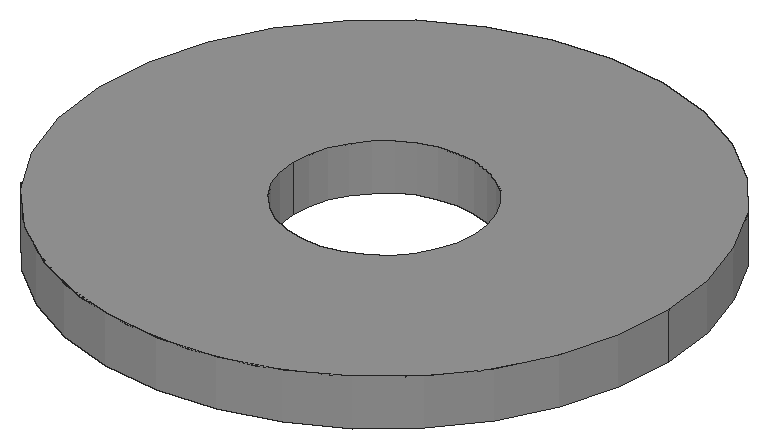
Revit family "Unterlegscheibe - DIN440 7 F -.pdf", category Generic Models, Revit 2017
Family settings
  Can host rebar = No
  Round Connector Dimension = Use Diameter
  Part Type = Normal
  Work Plane-Based = No
  Always vertical = Yes
  Cut with Voids When Loaded = No
  Shared = No
  Room Calculation Point = No
Parameters (values of type "DIN440 7 F")
  URL = "http://www.obo-bettermann.com"
  Material = hot dip galvanised
  Manufacturer Art.No. = "6408702"
  Manufacturer = "OBO BETTERMANN"
  Height = 1.7 mm
  GTIN = "4012196479955"
  Diameter 1 = 20.7 mm
  Diameter = 6.6 mm
  Article Type = "DIN440 7 F"
Reference planes
  plane 1 "Center (Front/Back)": y = 0
  plane 2: z = 0
  plane 3 "Center (Left/Right)": x = 0
  plane 4: z = 1.7
Forms (mm)
  Extrusion 1, solid, material "hot dip galvanised" <- "Material"
    sketch origin (0, 0, 0) x (1, 0, 0) y (0, 1, 0)
      loop
        circle (0, 0) r 10.35
    from 0 to 1.7
  Extrusion 2, void
    sketch origin (0, 0, 0) x (1, 0, 0) y (0, 1, 0)
      loop
        circle (0, 0) r 3.325
    from 0 to 1.7
Cuts and joins
  Extrusion 2 cuts Extrusion 1
Dimensions and locks
  locked: plane 3 "Center (Left/Right)" to Extrusion 1 sketch curve
  locked: plane 3 "Center (Left/Right)" to Extrusion 1 sketch curve at 10.35
  locked: plane 4 to level at 1.7
  locked: plane 3 "Center (Left/Right)" to Extrusion 2 sketch curve
  locked: plane 3 "Center (Left/Right)" to Extrusion 2 sketch curve at 3.325
  aligned and locked: level to plane 2
  aligned and locked: Extrusion 1 to level
  aligned and locked: plane 4 to Extrusion 1
  aligned and locked: Extrusion 2 to level
  aligned and locked: Extrusion 1 to Extrusion 2
